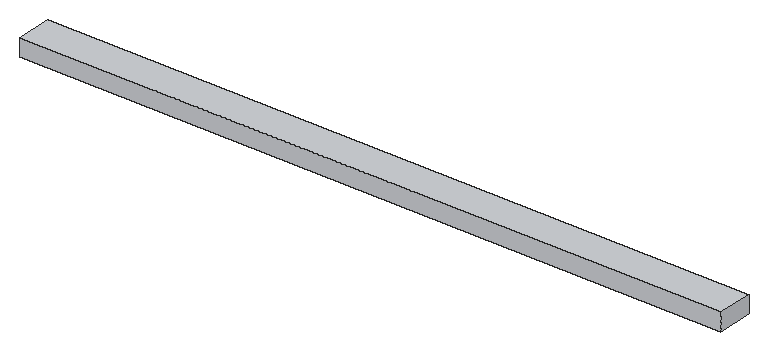
Revit family "LineBased Family", category Generic Models, Revit 2020
Family settings
  Can host rebar = No
  Round Connector Dimension = Use Diameter
  Part Type = Normal
  Cut with Voids When Loaded = No
  Shared = No
  Room Calculation Point = No
Parameters
  built-in parameter 1001306 [instance] = 1200 mm
  Default Elevation = 0 mm
Reference planes
  plane 1 "Mitte (Vorne/hinten)": y = 0
  plane 2: z = 0
  plane 3 "Links": x = 0
  plane 4 "Rechts": x = 1200
Forms (mm)
  Sweep 1, solid
    path in 3D
      loop
        line (0, 0, 0) -> (1200, 0, 0)
    profile origin (600, 0, 0) x (0, 1, 0) y (0, 0, 1)
      loop
        line (0, 0) -> (0, 30) -> (-60, 30) -> (-60, 0) -> (0, 0)
Lines and regions (mm)
  reference lines
    curve 1: line (0, 0, 0) -> (1200, 0, 0)
  sketch lines
    curve 2: line (0, 0, 0) -> (1200, 0, 0)
Dimensions and locks
  "built-in parameter 1001306": plane 3 "Links" to plane 4 "Rechts"
  aligned and locked: plane 4 "Rechts" to curve 1
  aligned and locked: plane 1 "Mitte (Vorne/hinten)" to curve 1
  aligned and locked: plane 3 "Links" to curve 1
  aligned and locked: level to plane 2
Automatic sketch dimensions
  Sweep 1 sketch curve to profile plane = 0 mm  (x2)
  Sweep 1 sketch curve to Sweep 1 sketch curve = 60 mm
  Sweep 1 sketch curve to Sweep 1 sketch curve = 30 mm
